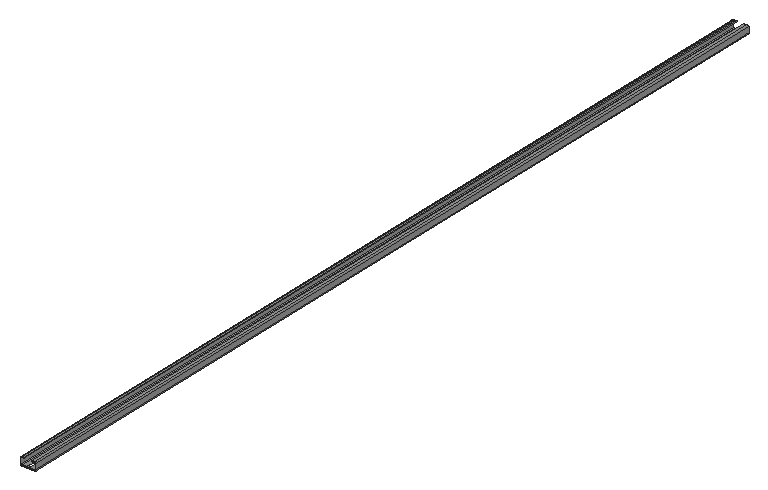
Revit family "Profilschiene- CML3518P2000 FS,FT,A2", category Generic Models, Revit 2017 (continued)
Automatic sketch dimensions
  Extrusion 9 sketch curve to Extrusion 9 sketch curve = 0.6 mm
  Extrusion 10 sketch curve to Extrusion 10 sketch curve = 0.5 mm  (x4)
  Extrusion 10 sketch curve to plane 32 = 2.752 mm
  plane 32 to Extrusion 10 sketch curve = 2.75 mm
  Extrusion 10 sketch curve to plane 34 = 28.5 mm
  Extrusion 10 sketch curve to Extrusion 10 sketch curve = 0.6 mm
  Extrusion 11 sketch curve to Extrusion 11 sketch curve = 0.5 mm  (x4)
  Extrusion 11 sketch curve to plane 35 = 2.752 mm
  plane 35 to Extrusion 11 sketch curve = 2.75 mm
  Extrusion 11 sketch curve to plane 37 = 28.5 mm
  Extrusion 11 sketch curve to Extrusion 11 sketch curve = 0.6 mm
  Extrusion 12 sketch curve to Extrusion 12 sketch curve = 0.5 mm  (x4)
  Extrusion 12 sketch curve to plane 38 = 2.752 mm
  plane 38 to Extrusion 12 sketch curve = 2.75 mm
  Extrusion 12 sketch curve to plane 40 = 28.5 mm
  Extrusion 12 sketch curve to Extrusion 12 sketch curve = 0.6 mm
  Extrusion 13 sketch curve to Extrusion 13 sketch curve = 0.5 mm  (x4)
  Extrusion 13 sketch curve to plane 41 = 2.752 mm
  plane 41 to Extrusion 13 sketch curve = 2.75 mm
  Extrusion 13 sketch curve to plane 43 = 28.5 mm
  Extrusion 13 sketch curve to Extrusion 13 sketch curve = 0.6 mm
  Extrusion 14 sketch curve to Extrusion 14 sketch curve = 0.5 mm  (x4)
  Extrusion 14 sketch curve to plane 44 = 2.752 mm
  plane 44 to Extrusion 14 sketch curve = 2.75 mm
  Extrusion 14 sketch curve to plane 46 = 28.5 mm
  Extrusion 14 sketch curve to Extrusion 14 sketch curve = 0.6 mm
  Extrusion 15 sketch curve to Extrusion 15 sketch curve = 0.5 mm  (x4)
  Extrusion 15 sketch curve to plane 47 = 2.752 mm
  plane 47 to Extrusion 15 sketch curve = 2.75 mm
  Extrusion 15 sketch curve to plane 49 = 28.5 mm
  Extrusion 15 sketch curve to Extrusion 15 sketch curve = 0.6 mm
  Extrusion 16 sketch curve to Extrusion 16 sketch curve = 0.5 mm  (x4)
  Extrusion 16 sketch curve to plane 50 = 2.752 mm
  plane 50 to Extrusion 16 sketch curve = 2.75 mm
  Extrusion 16 sketch curve to plane 52 = 28.5 mm
  Extrusion 16 sketch curve to Extrusion 16 sketch curve = 0.6 mm
  Extrusion 17 sketch curve to Extrusion 17 sketch curve = 0.5 mm  (x4)
  Extrusion 17 sketch curve to plane 53 = 2.752 mm
  plane 53 to Extrusion 17 sketch curve = 2.75 mm
  Extrusion 17 sketch curve to plane 55 = 28.5 mm
  Extrusion 17 sketch curve to Extrusion 17 sketch curve = 0.6 mm
  Extrusion 18 sketch curve to Extrusion 18 sketch curve = 0.5 mm  (x4)
  Extrusion 18 sketch curve to plane 56 = 2.752 mm
  plane 56 to Extrusion 18 sketch curve = 2.75 mm
  Extrusion 18 sketch curve to plane 58 = 28.5 mm
  Extrusion 18 sketch curve to Extrusion 18 sketch curve = 0.6 mm
  Extrusion 19 sketch curve to Extrusion 19 sketch curve = 0.5 mm  (x4)
  Extrusion 19 sketch curve to plane 59 = 2.752 mm
  plane 59 to Extrusion 19 sketch curve = 2.75 mm
  Extrusion 19 sketch curve to plane 61 = 28.5 mm
  Extrusion 19 sketch curve to Extrusion 19 sketch curve = 0.6 mm
  Extrusion 20 sketch curve to Extrusion 20 sketch curve = 0.5 mm  (x4)
  Extrusion 20 sketch curve to plane 62 = 2.752 mm
  plane 62 to Extrusion 20 sketch curve = 2.75 mm
  Extrusion 20 sketch curve to plane 64 = 28.5 mm
  Extrusion 20 sketch curve to Extrusion 20 sketch curve = 0.6 mm
  Extrusion 21 sketch curve to Extrusion 21 sketch curve = 0.5 mm  (x4)
  Extrusion 21 sketch curve to plane 65 = 2.752 mm
  plane 65 to Extrusion 21 sketch curve = 2.75 mm
  Extrusion 21 sketch curve to plane 67 = 28.5 mm
  Extrusion 21 sketch curve to Extrusion 21 sketch curve = 0.6 mm
  Extrusion 22 sketch curve to Extrusion 22 sketch curve = 0.5 mm  (x4)
  Extrusion 22 sketch curve to plane 68 = 2.752 mm
  plane 68 to Extrusion 22 sketch curve = 2.75 mm
  Extrusion 22 sketch curve to plane 70 = 28.5 mm
  Extrusion 22 sketch curve to Extrusion 22 sketch curve = 0.6 mm
  Extrusion 23 sketch curve to Extrusion 23 sketch curve = 0.5 mm  (x4)
  Extrusion 23 sketch curve to plane 71 = 2.752 mm
  plane 71 to Extrusion 23 sketch curve = 2.75 mm
  Extrusion 23 sketch curve to plane 73 = 28.5 mm
  Extrusion 23 sketch curve to Extrusion 23 sketch curve = 0.6 mm
  Extrusion 24 sketch curve to Extrusion 24 sketch curve = 0.5 mm  (x4)
  Extrusion 24 sketch curve to plane 74 = 2.752 mm
  plane 74 to Extrusion 24 sketch curve = 2.75 mm
  Extrusion 24 sketch curve to plane 76 = 28.5 mm
  Extrusion 24 sketch curve to Extrusion 24 sketch curve = 0.6 mm
  Extrusion 25 sketch curve to Extrusion 25 sketch curve = 0.5 mm  (x4)
  Extrusion 25 sketch curve to plane 77 = 2.752 mm
  plane 77 to Extrusion 25 sketch curve = 2.75 mm
  Extrusion 25 sketch curve to plane 79 = 28.5 mm
  Extrusion 25 sketch curve to Extrusion 25 sketch curve = 0.6 mm
  Extrusion 26 sketch curve to Extrusion 26 sketch curve = 0.5 mm  (x4)
  Extrusion 26 sketch curve to plane 80 = 2.752 mm
  plane 80 to Extrusion 26 sketch curve = 2.75 mm
  Extrusion 26 sketch curve to plane 82 = 28.5 mm
  Extrusion 26 sketch curve to Extrusion 26 sketch curve = 0.6 mm
  Extrusion 27 sketch curve to Extrusion 27 sketch curve = 0.5 mm  (x4)
  Extrusion 27 sketch curve to plane 83 = 2.752 mm
  plane 83 to Extrusion 27 sketch curve = 2.75 mm
  Extrusion 27 sketch curve to plane 85 = 28.5 mm
  Extrusion 27 sketch curve to Extrusion 27 sketch curve = 0.6 mm
  Extrusion 28 sketch curve to Extrusion 28 sketch curve = 0.5 mm  (x4)
  Extrusion 28 sketch curve to plane 86 = 2.752 mm
  plane 86 to Extrusion 28 sketch curve = 2.75 mm
  Extrusion 28 sketch curve to plane 88 = 28.5 mm
  Extrusion 28 sketch curve to Extrusion 28 sketch curve = 0.6 mm
  Extrusion 29 sketch curve to Extrusion 29 sketch curve = 0.5 mm  (x4)
  Extrusion 29 sketch curve to plane 89 = 2.752 mm
  plane 89 to Extrusion 29 sketch curve = 2.75 mm
  Extrusion 29 sketch curve to plane 91 = 28.5 mm
  Extrusion 29 sketch curve to Extrusion 29 sketch curve = 0.6 mm
  Extrusion 30 sketch curve to Extrusion 30 sketch curve = 0.5 mm  (x4)
  Extrusion 30 sketch curve to plane 92 = 2.752 mm
  plane 92 to Extrusion 30 sketch curve = 2.75 mm
  Extrusion 30 sketch curve to plane 94 = 28.5 mm
  Extrusion 30 sketch curve to Extrusion 30 sketch curve = 0.6 mm
  Extrusion 31 sketch curve to Extrusion 31 sketch curve = 0.5 mm  (x4)
  Extrusion 31 sketch curve to plane 95 = 2.752 mm
  plane 95 to Extrusion 31 sketch curve = 2.75 mm
  Extrusion 31 sketch curve to plane 97 = 28.5 mm
  Extrusion 31 sketch curve to Extrusion 31 sketch curve = 0.6 mm
  Extrusion 32 sketch curve to Extrusion 32 sketch curve = 0.5 mm  (x4)
  Extrusion 32 sketch curve to plane 98 = 2.752 mm
  plane 98 to Extrusion 32 sketch curve = 2.75 mm
  Extrusion 32 sketch curve to plane 100 = 28.5 mm
  Extrusion 32 sketch curve to Extrusion 32 sketch curve = 0.6 mm
  Extrusion 33 sketch curve to Extrusion 33 sketch curve = 0.5 mm  (x4)
  Extrusion 33 sketch curve to plane 101 = 2.752 mm
  plane 101 to Extrusion 33 sketch curve = 2.75 mm
  Extrusion 33 sketch curve to plane 103 = 28.5 mm
  Extrusion 33 sketch curve to Extrusion 33 sketch curve = 0.6 mm
  Extrusion 34 sketch curve to Extrusion 34 sketch curve = 0.5 mm  (x4)
  Extrusion 34 sketch curve to plane 104 = 2.752 mm
  plane 104 to Extrusion 34 sketch curve = 2.75 mm
  Extrusion 34 sketch curve to plane 106 = 28.5 mm
  Extrusion 34 sketch curve to Extrusion 34 sketch curve = 0.6 mm
  Extrusion 35 sketch curve to Extrusion 35 sketch curve = 0.5 mm  (x4)
  Extrusion 35 sketch curve to plane 107 = 2.752 mm
  plane 107 to Extrusion 35 sketch curve = 2.75 mm
  Extrusion 35 sketch curve to plane 109 = 28.5 mm
  Extrusion 35 sketch curve to Extrusion 35 sketch curve = 0.6 mm
  Extrusion 36 sketch curve to Extrusion 36 sketch curve = 0.5 mm  (x4)
  Extrusion 36 sketch curve to plane 110 = 2.752 mm
  plane 110 to Extrusion 36 sketch curve = 2.75 mm
  Extrusion 36 sketch curve to plane 112 = 28.5 mm
  Extrusion 36 sketch curve to Extrusion 36 sketch curve = 0.6 mm
  Extrusion 37 sketch curve to Extrusion 37 sketch curve = 0.5 mm  (x4)
  Extrusion 37 sketch curve to plane 113 = 2.752 mm
  plane 113 to Extrusion 37 sketch curve = 2.75 mm
  Extrusion 37 sketch curve to plane 115 = 28.5 mm
  Extrusion 37 sketch curve to Extrusion 37 sketch curve = 0.6 mm
  Extrusion 38 sketch curve to Extrusion 38 sketch curve = 0.5 mm  (x4)
  Extrusion 38 sketch curve to plane 116 = 2.752 mm
  plane 116 to Extrusion 38 sketch curve = 2.75 mm
  Extrusion 38 sketch curve to plane 118 = 28.5 mm
  Extrusion 38 sketch curve to Extrusion 38 sketch curve = 0.6 mm
  Extrusion 39 sketch curve to Extrusion 39 sketch curve = 0.5 mm  (x4)
  Extrusion 39 sketch curve to plane 119 = 2.752 mm
  plane 119 to Extrusion 39 sketch curve = 2.75 mm
  Extrusion 39 sketch curve to plane 121 = 28.5 mm
  Extrusion 39 sketch curve to Extrusion 39 sketch curve = 0.6 mm
  Extrusion 40 sketch curve to Extrusion 40 sketch curve = 0.5 mm  (x4)
  Extrusion 40 sketch curve to plane 122 = 2.752 mm
  plane 122 to Extrusion 40 sketch curve = 2.75 mm
  Extrusion 40 sketch curve to plane 124 = 28.5 mm
  Extrusion 40 sketch curve to Extrusion 40 sketch curve = 0.6 mm
  Extrusion 41 sketch curve to Extrusion 41 sketch curve = 0.5 mm  (x4)
  Extrusion 41 sketch curve to plane 125 = 2.752 mm
  plane 125 to Extrusion 41 sketch curve = 2.75 mm
  Extrusion 41 sketch curve to plane 127 = 28.5 mm
  Extrusion 41 sketch curve to Extrusion 41 sketch curve = 0.6 mm
Types (4, lengths in mm): name | Material | Manufacturer Art.No. | GTIN | Article Type
  (no name) | Stainless steel, A2 | "1104501" | "4012195627081" | "CML3518P2000A2"
  CML3518P2000FS | Strip-galvanised | "1104500" | "4012195038771" | "CML3518P2000FS"
  CML3518P2000FT | Hot-dip galvanised | "1104570" | "4012196470938" | "CML3518P2000FT"
  CML3518P2000A2 | Stainless steel, A2 | "1104501" | "4012195627081" | "CML3518P2000A2"
